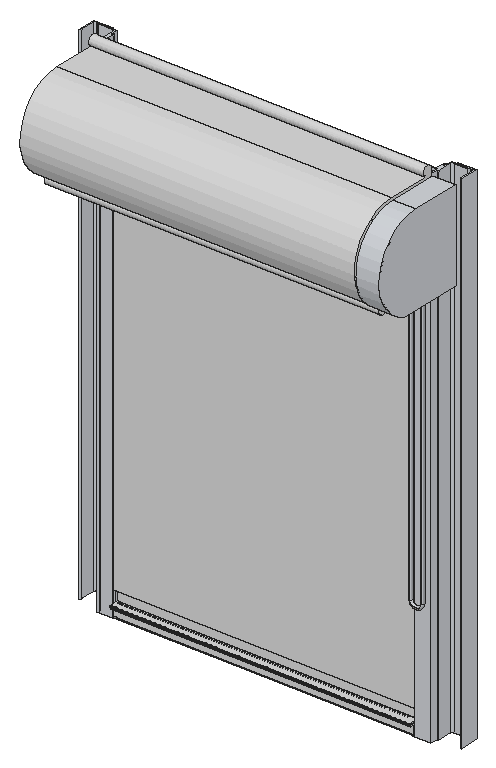
Revit family
Parameters (values of type "Hand-Chain Operated, Aluminium (Anodized Finish)")
  Wall Construction = "Masonry, Steel or Wood"  # constant formula
  Spec Wizard = "http://www.clopaydoor.com/Quick-Specs-Wizard.aspx"
  Sales Information = "http://www.clopaydoor.com/where-to-buy.aspx?type=dealer&stype=commercial"
  Product Features and Benefits = "http://www.clopaydoor.com/sliding-applications.aspx"
  Mounting = "Face of Wall"  # constant formula
  Sizing Disclaimer = "30’ wide, 30’ high standard construction. Large Openings to 50’ wide, 40’ high consult factory. "  # constant formula
  Motor = no
  Manufacturer Website = "http://www.clopaydoor.com"
  Manufacturer Phone Number = "1-800-526-4301"  # constant formula
  Manufacturer Address = "1400 W. Market St., Troy, OH 45373"  # constant formula
  Function = (empty or 0)
  File Revision = "00 (Feb, 2011)"  # constant formula
  Curtain 2 5/8" Slat = Aluminum, anodized finish (curtain only)
  Chain = yes
  CAD and Specifications = "http://www.clopaydoor.com/sliding-specs.aspx"
  Bottom Bar = Aluminum, anodized finish (non-curtain components)
  Guides = Aluminum, anodized finish (non-curtain components)
  Hood = Aluminum, anodized finish (non-curtain components)
  URL = "http://www.clopaydoor.com"
  Subcategory = "Roll Up"  # constant formula
  Optional aluminum, color anodized finish = no
  Optional Powder Coated Finish, standard RAL colors, Galv. Steel and Aluminum only = no
  Pull Height = Height / 1.5  # 5' - 4"
  Operator Width = Width - 2 * 0' 2 1/4"  # 5' - 7 1/2"
  Operator = Operator : Hand-Chain
  Operation = ""
  From Coil Side Operate on Right = yes
  From Coil Side Operate on Left = not(From Coil Side Operate on Right)  # no
  Model = "CESD10 "  # constant formula
  Manufacturer = "Clopay  Building Products Company"  # constant formula
  Height = 8' - 0"
  Wall Closure = (empty or 0)
  Width = 6' - 0"
  Guide Height = Height + 0' 5"  # 8' - 5"
  Description = "Built to order metal slatted rolling doors provide security against entry and/or weather protection. "  # constant formula
  Cost = 0
  Assembly Code = "B2030410"
  95 CSI = "08330"  # constant formula
  Windload = "A full range of specific wind load requirements available- Consult Clopay. "  # constant formula
  Coil Dimension Note = "14” to 22” -  Consult Clopay when dimensions are critical."  # constant formula
  Jamb Dimension Note = "6 3/4In to 10 1/4In wide. Consult Clopay when dimensions are critical."  # constant formula
  04 CSI = "08 33 00"  # constant formula
Types (12): name | Motor | Curtain 2 5/8" Slat | Chain | Bottom Bar | Guides | Hood | Operator
  Hand-Chain Operated, Aluminium (Anodized Finish) | no | Aluminum, anodized finish (curtain only) | yes | Aluminum, anodized finish (non-curtain components) | Aluminum, anodized finish (non-curtain components) | Aluminum, anodized finish (non-curtain components) | Operator : Hand-Chain
  Hand-Chain Operated, Aluminium (Mill Finish) | no | Aluminum, mill finish (curtain only) | yes | Aluminum, mill finish (non-curtain components) | Aluminum, mill finish (non-curtain components) | Aluminum, mill finish (non-curtain components) | Operator : Hand-Chain
  Hand-Chain Operated, Galvanized Steel | no | Galvanized steel (curtain only) | yes | Galvanized or powder coated plain steel (non curtain components) | Galvanized or powder coated plain steel (non curtain components) | Galvanized or powder coated plain steel (non curtain components) | Operator : Hand-Chain
  Hand-Chain Operated, Stainless Steel | no | Stainless steel (curtain only) | yes | Stainless steel (non-curtain components) | Stainless steel (non-curtain components) | Stainless steel (non-curtain components) | Operator : Hand-Chain
  Motor Operated, Aluminium (Anodized Finish) | yes | Aluminum, anodized finish (curtain only) | no | Aluminum, anodized finish (non-curtain components) | Aluminum, anodized finish (non-curtain components) | Aluminum, anodized finish (non-curtain components) | Operator : Motor Operator
  Motor Operated, Aluminium (Mill Finish) | yes | Aluminum, mill finish (curtain only) | no | Aluminum, mill finish (non-curtain components) | Aluminum, mill finish (non-curtain components) | Aluminum, mill finish (non-curtain components) | Operator : Motor Operator
  Motor Operated, Galvanized Steel | yes | Galvanized steel (curtain only) | no | Galvanized or powder coated plain steel (non curtain components) | Galvanized or powder coated plain steel (non curtain components) | Galvanized or powder coated plain steel (non curtain components) | Operator : Motor Operator
  Motor Operated, Stainless Steel | yes | Stainless steel (curtain only) | no | Stainless steel (non-curtain components) | Stainless steel (non-curtain components) | Stainless steel (non-curtain components) | Operator : Motor Operator
  Push-Up Operated, Aluminium (Anodized Finish) | no | Aluminum, anodized finish (curtain only) | no | Aluminum, anodized finish (non-curtain components) | Aluminum, anodized finish (non-curtain components) | Aluminum, anodized finish (non-curtain components) | Operator : Push-UP
  Push-Up Operated, Aluminium (Mill Finish) | no | Aluminum, mill finish (curtain only) | no | Aluminum, mill finish (non-curtain components) | Aluminum, mill finish (non-curtain components) | Aluminum, mill finish (non-curtain components) | Operator : Push-UP
  Push-Up Operated, Galvanized Steel | no | Galvanized steel (curtain only) | no | Galvanized or powder coated plain steel (non curtain components) | Galvanized or powder coated plain steel (non curtain components) | Galvanized or powder coated plain steel (non curtain components) | Operator : Push-UP
  Push-Up Operated, Stainless Steel | no | Stainless steel (curtain only) | no | Stainless steel (non-curtain components) | Stainless steel (non-curtain components) | Stainless steel (non-curtain components) | Operator : Push-UP
Reference planes (in)
  plane 1 "Center (Front/Back)": y = 0
  plane 2 "Center (Left/Right)": x = 36
  plane 3 "Left": x = 0
  plane 4 "Right": x = 72
  plane 5 "Top": z = 96
  plane 6 "Wall Edge": y = -4
  plane 7: y = -4
  plane 8 "Top of Hood": z = 118.35156
  plane 9: y = -22
  plane 10: z = 101
  plane 11 "Bottom Bar Alignment": y = -5.8765
  plane 12: z = 4.39975
  plane 13: y = -3.1875
  plane 14: x = 6.25135
  plane 15: x = 65.74865
  plane 16: x = 4.9375
  plane 17: z = 4.39975
  plane 18: z = 77.99245
  plane 19: x = 67.5
  plane 20: x = 4.5
  plane 21: x = 69.75
  plane 22: y = -10
  plane 23: z = 86.16016
  plane 24: z = 87.57422
  plane 25: y = -3.1875
Forms (in)
  Sweep 1, solid, material "Aluminum, anodized finish (non-curtain components)" <- "Hood"
    path origin (0, -4, -22) x (-1, 0, 0) y (0, 0, 1)
      loop
        line (-67.5, 101) -> (-4.5, 101)
    profile "Profile_Hood : Profile_Hood" origin (36, -4, 79) x (0, 0, 1) y (0, 1, 0)
      loop
        line (17.00521, 0) -> (0, 0) -> (0, -11.38123)
        arc (0, -11.38123) -> (-1.71462, -11.23442) -> (-0.06445, -11.72268) r 0.86487
        arc (-0.06445, -11.72268) -> (9.52117, -17.9131) -> (17, -9.29496) r 8.70492
        line (17, -9.29496) -> (17, -1.09786)
        arc (17, -1.09786) -> (18.75706, -0.90144) -> (17.00521, -0.66297) r 0.89077
        line (17.00521, -0.66297) -> (17.00521, 0)
  Sweep 2, solid, material "Aluminum, anodized finish (non-curtain components)" <- "Bottom Bar"
    path origin (0, -4, 0) x (-1, 0, 0) y (0, 0, 1)
      loop
        line (-64.25, 0) -> (-7.75, 0)
    profile "Profile_BottomBar : Profile_BottomBar" origin (36, -4, 0) x (0, 0, 1) y (0, 1, 0)
      loop
        arc (2.58725, 1.20536) -> (2.54306, 1.22367) -> (2.52475, 1.26786) r 0.0625
        line (2.52475, 1.26786) -> (2.52475, 3.01786)
        arc (2.52475, 3.01786) -> (2.50644, 3.06206) -> (2.46225, 3.08036) r 0.0625
        line (2.46225, 3.08036) -> (2.39975, 3.08036) -> (2.39975, 1.08036) -> (2.33875, 1.08036) -> (2.33875, 1.22236)
        arc (2.33875, 1.22236) -> (2.24825, 1.31286) -> (2.15775, 1.22236) r 0.0905
        line (2.15775, 1.22236) -> (2.15775, 1.12786) -> (2.09375, 1.12786) -> (2.09375, 2.91161) -> (1.96875, 2.91161) -> (1.96875, 2.16161)
        arc (1.96875, 2.16161) -> (1.93214, 2.07322) -> (1.84375, 2.03661) r 0.125
        line (1.84375, 2.03661) -> (0.25, 2.03661)
        arc (0.25, 2.03661) -> (0.07322, 1.96339) -> (0, 1.78661) r 0.25
        line (0, 1.78661) -> (0, 0.28661)
        arc (0, 0.28661) -> (0.07322, 0.10983) -> (0.25, 0.03661) r 0.25
        line (0.25, 0.03661) -> (1.84375, 0.03661)
        arc (1.84375, 0.03661) -> (1.93214, 0) -> (1.96875, -0.08839) r 0.125
        line (1.96875, -0.08839) -> (1.96875, -0.83839) -> (2.09375, -0.83839) -> (2.09375, 1.00286) -> (2.15775, 1.00286) -> (2.15775, 0.90836)
        arc (2.15775, 0.90836) -> (2.24825, 0.81786) -> (2.33875, 0.90836) r 0.0905
        line (2.33875, 0.90836) -> (2.33875, 1.05036) -> (2.39975, 1.05036) -> (2.39975, -0.94964) -> (2.46225, -0.94964)
        arc (2.46225, -0.94964) -> (2.50644, -0.93133) -> (2.52475, -0.88714) r 0.0625
        line (2.52475, -0.88714) -> (2.52475, 0.86286)
        arc (2.52475, 0.86286) -> (2.54306, 0.90706) -> (2.58725, 0.92536) r 0.0625
        line (2.58725, 0.92536) -> (4.33725, 0.92536)
        arc (4.33725, 0.92536) -> (4.38144, 0.94367) -> (4.39975, 0.98786) r 0.0625
        line (4.39975, 0.98786) -> (4.39975, 1.14286)
        arc (4.39975, 1.14286) -> (4.38144, 1.18706) -> (4.33725, 1.20536) r 0.0625
        line (4.33725, 1.20536) -> (2.58725, 1.20536)
  Extrusion 3, solid, material "Aluminum, anodized finish (non-curtain components)" <- "Hood"
    sketch origin (0, -1.37018, 101.99245) x (1, 0, 0) y (0, 1, 0)
      loop
        line (4.9375, -1.81732) -> (67.0625, -1.81732) -> (67.0625, -1.69232) -> (4.9375, -1.69232) -> (4.9375, -1.81732)
    from -24 to -5.99245
  Extrusion 4, solid, material "Aluminum, anodized finish (curtain only)" <- "Curtain 2 5/8" Slat"
    sketch origin (0, 0, 0) x (1, 0, 0) y (0, 1, 0)
      loop
        line (5.375, -2.875) -> (5.375, -3.5) -> (66.625, -3.5) -> (66.625, -2.875) -> (5.375, -2.875)
    from 4.39975 to 77.99245
Lines and regions (in)
  Opening 1
    outline origin (-90, -4, 0) x (1, 0, 0) y (0, 0, 1)
      loop
        line (90, 0) -> (162, 0) -> (162, 96) -> (90, 96) -> (90, 0)
  symbolic lines, style "Roller Chamber"
    curve 1: line (67.5, -4, 96) -> (72, -4, 96)
    curve 2: line (0, -4, 96) -> (4.5, -4, 96)
Text (in)
  text "Exterior" at (-74.96733, 27.31104, 0), in view "Ref. Level"
  text "Interior" at (-74.96733, -25.14366, 0), in view "Ref. Level"
  text "Exterior" at (0, 40.15149, 123.01588), in view "Right"
  text "Interior" at (0, -64.39139, 123.01588), in view "Right"
  text "Interior" at (0, -63.63426, 123.00693), in view "Left"
  text "Exterior" at (0, 54.57065, 123.00693), in view "Left"
Dimensions and locks (in)
  equal spacing: plane 3 "Left", plane 2 "Center (Left/Right)", plane 4 "Right"
  "Height": level to plane 5 "Top"
  "Width": plane 3 "Left" to plane 4 "Right"
  locked: plane 7 to plane 6 "Wall Edge"
  locked: plane 7 to plane 9 at 18
  locked: plane 10 to plane 5 "Top" at 5
  locked: plane 8 "Top of Hood" to plane 10 at 17.35156
  locked: plane 11 "Bottom Bar Alignment" to plane 7 at 1.8765
  locked: level to plane 12 at 4.39975
  plane 13 to host wall = 0' - 3 3/16"
  locked: plane 3 "Left" to plane 14 at 6.25135
  locked: plane 15 to plane 4 "Right" at 6.25135
  locked: Extrusion 3 sketch curve to Extrusion 3 sketch curve at 0.125
  locked: Extrusion 3 to Extrusion 3 at 0.125
  locked: plane 16 to plane 14 at 1.31385
  locked: level to plane 17 at 4.39975
  locked: Extrusion 3 to Extrusion 3 at 18.00755
  locked: plane 5 "Top" to plane 18 at 18.00755
  level to host wall = 12' - 8.58669"
  locked: Extrusion 4 sketch curve to nested 2 at 0.625
  locked: Extrusion 4 sketch curve to Extrusion 4 sketch curve at 0.625
  locked: nested 1 to Extrusion 4 sketch curve at 0.625
  locked: Extrusion 4 sketch curve to nested 1 at 0.25
  locked: plane 3 "Left" to Sweep 1 at 4.5
  locked: Sweep 1 to plane 4 "Right" at 4.5
  locked: plane 3 "Left" to plane 20 at 4.5
  locked: plane 21 to plane 4 "Right" at 2.25
  locked: plane 7 to plane 22 at 6
  locked: plane 5 "Top" to plane 23 at 9.83984
  locked: plane 5 "Top" to nested 3 at 1.05626
  Sweep 1 to Sweep 1 = 1' - 5"
  locked: plane 25 to plane 6 "Wall Edge" at 0.8125
  locked: plane 19 to plane 4 "Right" at 4.5
  aligned and locked: plane 3 "Left" to Opening 1 sketch curve
  aligned and locked: plane 5 "Top" to Opening 1 sketch curve  (x2)
  aligned and locked: Opening 1 sketch curve to plane 4 "Right"
  aligned and locked: Opening 1 sketch curve to level
  aligned and locked: plane 6 "Wall Edge" to host wall
  aligned and locked: nested 2 to plane 7
  aligned and locked: nested 1 to Sweep 1 sketch curve
  aligned and locked: nested 2 to Sweep 1 sketch curve
  aligned and locked: plane 3 "Left" to nested 1
  aligned and locked: plane 4 "Right" to nested 2
  aligned and locked: plane 16 to nested 1
  aligned and locked: nested 2 to Sweep 2 sketch curve
  aligned and locked: nested 1 to Sweep 2 sketch curve
  aligned and locked: Extrusion 4 to plane 17
  aligned and locked: Extrusion 4 to plane 18
  aligned and locked: plane 18 to Extrusion 3
  aligned and locked: plane 6 "Wall Edge" to nested 1
  aligned and locked: nested 2 to plane 4 "Right"
  aligned and locked: nested 3 to plane 9
  aligned and locked: Extrusion 3 to plane 13
  aligned and locked: plane 13 to plane 25
  aligned and locked: plane 3 "Left" to curve 2
  aligned and locked: curve 2 to plane 20
  aligned and locked: plane 4 "Right" to curve 1
  aligned and locked: plane 19 to curve 1
  aligned and locked: nested 3 to plane 2 "Center (Left/Right)"
  aligned and locked: Sweep 1 to plane 5 "Top"
Automatic sketch dimensions
  Sweep 1 sketch curve to plane 18 = 0' - 1.00755"
  Sweep 2 sketch curve to level = 0' - 0"
  Extrusion 3 sketch curve to plane 16 = 0' - 0"
  plane 19 to Extrusion 3 sketch curve = 0' - 0 7/16"
  plane 13 to Extrusion 3 sketch curve = 0' - 0"
  curve 1 to host wall = 0' - 0"
  curve 2 to host wall = 0' - 0"
Nested families (in)
  nested 1: "Jamb_Guide-Wall" at (2.25, 0.75, 0), type "Guide"
    with Height 8' - 0"
  nested 2: "Jamb_Guide-Wall" at (69.75, 0.75, 0) x (-1, 0, 0) z (0, 0, 1), type "Guide"
    with Height 8' - 0"
  nested 3: "Operator" at (36, -9.875, 23.57422), type <- "Operator", type "Hand-Chain"
Definition of nested family "Jamb_Guide-Wall"
  Parameters (values of type "Guide")
    Height = 10' - 0"
    Guide = none
    Assembly Code = ""
  Reference planes (in)
    plane 1 "Center (Front/Back)": y = 0
    plane 2: z = 0
    plane 3 "Center (Left/Right)": x = 0
    plane 4: z = 120
    plane 5 "Center Line": x = 4.5
    plane 6: y = -0.25
    plane 7: y = -3.75
    plane 8: y = -3.5
    plane 9: x = 5.5
    plane 10: x = -2.25
    plane 11: y = 0.25
    plane 12: y = -4.75
    plane 13: y = -2.25
  Forms (in)
    Extrusion 1, solid, material <- "Guide"
      sketch origin (0, 0, 0) x (1, 0, 0) y (0, 1, 0)
        loop
          line (-1, -0.25) -> (1.625, -0.25)
          arc (1.625, -0.25) -> (1.89017, -0.35983) -> (2, -0.625) r 0.375
          line (2, -0.625) -> (2, -3.25)
          arc (2, -3.25) -> (2.07322, -3.42678) -> (2.25, -3.5) r 0.25
          line (2.25, -3.5) -> (2.25, -4.75) -> (5.25, -4.75)
          arc (5.25, -4.75) -> (5.17678, -4.57322) -> (5, -4.5) r 0.25
          line (5, -4.5) -> (2.875, -4.5)
          arc (2.875, -4.5) -> (2.60983, -4.39017) -> (2.5, -4.125) r 0.375
          line (2.5, -4.125) -> (2.5, -3.062) -> (4, -3.062) -> (4, -3.4375) -> (4.75, -3.4375) -> (4.75, -3.062) -> (5.5, -3.062)
          arc (5.5, -3.062) -> (5.44508, -2.92942) -> (5.3125, -2.8745) r 0.1875
          line (5.3125, -2.8745) -> (3, -2.8745)
          arc (3, -2.8745) -> (2.77903, -2.78297) -> (2.6875, -2.562) r 0.3125
          line (2.6875, -2.562) -> (2.6875, -1.2495)
          arc (2.6875, -1.2495) -> (2.63258, -1.11692) -> (2.5, -1.062) r 0.1875
          line (2.5, -1.062) -> (2.5, -1.5)
          arc (2.5, -1.5) -> (2.42678, -1.32322) -> (2.25, -1.25) r 0.25
          line (2.25, -1.25) -> (2.25, 0) -> (-1.25, 0)
          arc (-1.25, 0) -> (-1.17678, -0.17678) -> (-1, -0.25) r 0.25
      from 0 to 120
    Extrusion 2, solid, material <- "Guide"
      sketch origin (0, 0.25, 0) x (-1, 0, 0) y (0, -1, 0)
        loop
          arc (-1, 0.25) -> (-1.17678, 0.17678) -> (-1.25, 0) r 0.25
          line (-1.25, 0) -> (2.25, 0) -> (2.25, 3.5)
          arc (2.25, 3.5) -> (2.07322, 3.42678) -> (2, 3.25) r 0.25
          line (2, 3.25) -> (2, 0.625)
          arc (2, 0.625) -> (1.89017, 0.35983) -> (1.625, 0.25) r 0.375
          line (1.625, 0.25) -> (-1, 0.25)
      from 0 to 120
  Lines and regions (in)
    symbolic lines
      curve 1: line (2.25, 0, 0) -> (2.25, -4.75, 0)
      curve 2: line (2.5, -3.5, 0) -> (2.5, -1.5, 0)
      curve 3: line (4, -3.062, 0) -> (4.75, -3.062, 0)
  Dimensions and locks (in)
    "Height": plane 4 to plane 2
    locked: plane 3 "Center (Left/Right)" to plane 5 "Center Line" at 4.5
    equal spacing: plane 11, plane 13, plane 12
    aligned and locked: plane 2 to level
    aligned and locked: plane 1 "Center (Front/Back)" to Extrusion 1 sketch curve
    aligned and locked: plane 6 to Extrusion 1
    aligned and locked: plane 4 to Extrusion 1
    aligned and locked: curve 1 to Extrusion 1  (x2)
    aligned and locked: plane 1 "Center (Front/Back)" to curve 1
    aligned and locked: plane 8 to curve 2
    aligned and locked: Extrusion 1 to curve 2
    aligned and locked: Extrusion 1 to curve 3
    aligned and locked: curve 3 to Extrusion 1
    aligned and locked: plane 4 to Extrusion 2
  Automatic sketch dimensions
    curve 3 to plane 8 = 0' - 0.438"
    curve 2 to plane 6 = 0' - 1 1/4"
    Extrusion 1 sketch curve to plane 6 = 0' - 0"
    Extrusion 1 sketch curve to plane 8 = 0' - 0"
    Extrusion 1 sketch curve to plane 3 "Center (Left/Right)" = 0' - 1 1/4"
    Extrusion 1 sketch curve to plane 6 = 0' - 0 3/8"
    plane 3 "Center (Left/Right)" to Extrusion 1 sketch curve = 0' - 1 5/8"
    Extrusion 1 sketch curve to Extrusion 1 sketch curve = 0' - 0 1/4"  (x5)
    Extrusion 1 sketch curve to Extrusion 1 sketch curve = 0' - 0 3/16"  (x2)
    Extrusion 1 sketch curve to Extrusion 1 sketch curve = 0' - 0 3/8"
    Extrusion 1 sketch curve to Extrusion 1 sketch curve = 0' - 0 5/16"
    Extrusion 1 sketch curve to plane 5 "Center Line" = 0' - 0 1/2"
    plane 5 "Center Line" to Extrusion 1 sketch curve = 0' - 0 1/4"
    plane 5 "Center Line" to Extrusion 1 sketch curve = 0' - 0 1/2"
    Extrusion 1 sketch curve to Extrusion 1 sketch curve = 0' - 0 9/16"
    plane 7 to Extrusion 1 sketch curve = 0' - 0 3/8"
    Extrusion 1 sketch curve to plane 8 = 0' - 0 1/16"
    Extrusion 1 sketch curve to Extrusion 1 sketch curve = 0' - 0.3755"  (x2)
    Extrusion 1 sketch curve to Extrusion 1 sketch curve = 0' - 0 7/8"
    Extrusion 1 sketch curve to Extrusion 1 sketch curve = 0' - 0.2505"
    Extrusion 2 sketch curve to plane 1 "Center (Front/Back)" = 0' - 0 1/4"
    plane 6 to Extrusion 2 sketch curve = 0' - 0 1/4"
    plane 3 "Center (Left/Right)" to Extrusion 2 sketch curve = 0' - 1 1/4"
    Extrusion 2 sketch curve to plane 6 = 0' - 0 1/8"
    Extrusion 2 sketch curve to plane 3 "Center (Left/Right)" = 0' - 1 5/8"
    Extrusion 2 sketch curve to plane 8 = 0' - 0 1/4"
    Extrusion 2 sketch curve to Extrusion 2 sketch curve = 0' - 0 1/4"
Definition of nested family "Operator"
  Parameters (values of type "Push-UP")
    Width = 5' - 7 1/2"
    Straight = yes
    Right = yes
    Push = yes
    Motor = no
    Material = Aluminum, anodized finish (non-curtain components)
    Motor Visibility = not(Motor)  # yes
    Left = yes
    Height = 5' - 4"
    Chain = no
    Assembly Code = ""
  Types (3): name | Straight | Push | Motor | Motor Visibility | Left | Chain
    Motor Operator | no | no | yes | no | no | no
    Push-UP | yes | yes | no | yes | yes | no
    Hand-Chain | yes | no | no | yes | no | yes
  Reference planes (in)
    plane 1 "Center (Front/Back)": y = 0
    plane 2: z = 0
    plane 3 "Center (Left/Right)": x = 0
    plane 4: x = -33.75
    plane 5: x = 33.75
    plane 6: z = 64
    plane 7: z = 71.36952
    plane 8: y = -12.125
    plane 9: x = 31.5
    plane 10: x = -31.5
    plane 11: y = 5.99896
  Lines and regions (in)
    symbolic lines, style "GenericModelHiddenLines"
      curve 1: line (31.5, -12.125, 0) -> (31.5, 5.99896, 0)
      curve 2: line (-31.5, -12.125, 0) -> (-31.5, 5.99896, 0)
    symbolic lines, style "GenericModelHiddenLines", visible <- "Right"
      curve 3: line (-31.5, -12.125, 0) -> (10.5, -12.125, 0)
    symbolic lines, style "GenericModelHiddenLines", visible <- "Left"
      curve 4: line (-10.5, -12.125, 0) -> (31.5, -12.125, 0)
    symbolic lines, style "GenericModelHiddenLines", visible <- "Straight"
      curve 5: line (-31.5, -12.125, 0) -> (31.5, -12.125, 0)
    symbolic lines, style "GenericModelHiddenLines", visible <- "Motor Visibility"
      curve 6: line (-31.5, -12.125, 0) -> (31.5, -12.125, 0)
  Dimensions and locks (in)
    equal spacing: plane 4, plane 3 "Center (Left/Right)", plane 5
    "Width": plane 4 to plane 5
    "Height": plane 6 to plane 2
    locked: plane 7 to plane 6 at 7.36952
    locked: plane 8 to plane 1 "Center (Front/Back)" at 12.125
    locked: plane 9 to plane 5 at 2.25
    locked: plane 4 to plane 10 at 2.25
    locked: plane 11 to plane 8 at 18.12396
    aligned and locked: plane 5 to nested 1
    aligned and locked: nested 2 to plane 4
    aligned and locked: plane 6 to nested 1
    aligned and locked: nested 2 to plane 6
    aligned and locked: plane 8 to nested 2
    aligned and locked: plane 8 to nested 1
    aligned and locked: plane 8 to curve 1
    aligned and locked: curve 3 to nested 1
    aligned and locked: plane 10 to curve 3
    aligned and locked: curve 3 to plane 8
    aligned and locked: curve 4 to nested 2
    aligned and locked: curve 4 to plane 9
    aligned and locked: curve 4 to plane 8
    aligned and locked: plane 11 to curve 2
    aligned and locked: plane 11 to curve 1
  Nested families (in)
    nested 1: "Pull-Down-Pole" at (33.75, 0, 0), visible <- "Right", type "Pull 2"
      with Pull Visibility yes, Chain Visibility no
    nested 2: "Pull-Down-Pole" at (-33.75, 0, 0) x (-1, 0, 0) z (0, 0, 1), visible <- "Left", type "Pull"
      with Pull Visibility yes, Chain Visibility no
  Definition of nested family "Pull-Down-Pole"
    Parameters (values of type "Pull")
      Pull Visibility = no
      Motor = no
      Material = Aluminum, anodized finish (non-curtain components)
      Height = 5' - 4"
      Chain Visibility = yes
      Assembly Code = ""
    Types (2): name
      Pull 2
      Pull
    Reference planes (in)
      plane 1 "Center (Front/Back)": y = 0
      plane 2: z = 0
      plane 3 "Center (Left/Right)": x = 0
      plane 4: z = 64
    Forms (in)
      Extrusion 1, solid, material "Aluminum, anodized finish (non-curtain components)" <- "Material", visible <- "Motor"
        sketch origin (0, 0, 0) x (1, 0, 0) y (0, 0, 1)
          loop
            line (-23.25, 72.07552) -> (-23.25, 55.07552) -> (-2.25, 55.07552) -> (-2.25, 72.07552) -> (-23.25, 72.07552)
        from 12.125 to 27.43359
      Extrusion 2, solid, material "Aluminum, anodized finish (non-curtain components)" <- "Material", visible <- "Chain Visibility"
        sketch origin (-2.25, 0, -2.30676) x (0, 1, 0) y (0, 0, 1)
          loop
            arc (-3.296, 74.38228) -> (-11.89785, 67.01294) -> (-5.93554, 57.38228) r 8.70492
            line (-5.93554, 57.38228) -> (5.99896, 57.38228) -> (5.99896, 74.38228) -> (-3.296, 74.38228)
        from 0 to 4.5
      Sweep 3, solid, material "Aluminum, anodized finish (non-curtain components)" <- "Material", visible <- "Chain Visibility"
        path origin (-0.07163, -27.43359, 0) x (1, 0, 0) y (0, 0, 1)
          loop
            line (1.125, 64) -> (1.125, 3.82654)
            arc (1.125, 3.82654) -> (0, 2.70154) -> (-1.125, 3.82654) r 1.125
            line (-1.125, 3.82654) -> (-1.125, 64)
        profile origin (1.05337, -27.43359, 33.91327) x (0, -1, 0) y (1, 0, 0)
          loop
            circle (-27.18359, 0) r 0.25
      Extrusion 4, solid, material "Aluminum, anodized finish (non-curtain components)" <- "Material", visible <- "Pull Visibility"
        sketch origin (7.75, 0, -2.30676) x (0, 1, 0) y (0, 0, 1)
          loop
            arc (-3.296, 74.38228) -> (-11.89785, 67.01294) -> (-5.93554, 57.38228) r 8.70492
            line (-5.93554, 57.38228) -> (5.99896, 57.38228) -> (5.99896, 74.38228) -> (-3.296, 74.38228)
        from -10 to -5.5
    Lines and regions (in)
      symbolic lines, style "GenericModelHiddenLines", visible <- "Motor"
        curve 1: line (-23.25, -12.125, 0) -> (-23.25, -27.43359, 0)
        curve 2: line (-23.25, -27.43359, 0) -> (-2.25, -27.43359, 0)
        curve 3: line (-2.25, -27.43359, 0) -> (-2.25, -12.125, 0)
    Dimensions and locks (in)
      "Height": plane 4 to level
      locked: plane 3 "Center (Left/Right)" to Extrusion 1 sketch curve at 2.25
      locked: plane 3 "Center (Left/Right)" to Extrusion 1 sketch curve at 23.25
      locked: Extrusion 1 to Extrusion 1 at 15.30859
      locked: plane 1 "Center (Front/Back)" to Sweep 3
      locked: Extrusion 1 to plane 1 "Center (Front/Back)" at 12.125
      aligned and locked: Extrusion 1 to curve 1
      aligned and locked: curve 2 to Extrusion 1
      aligned and locked: curve 3 to Extrusion 1
      aligned and locked: Sweep 3 sketch curve to Sweep 3 sketch curve  (x2)
      aligned and locked: plane 4 to Sweep 3 sketch curve  (x2)
      aligned and locked: Extrusion 2 to Extrusion 1 sketch curve
      aligned and locked: Extrusion 1 sketch curve to Extrusion 2
      aligned and locked: Extrusion 4 to Extrusion 2  (x3)
    Automatic sketch dimensions
      curve 1 to plane 3 "Center (Left/Right)" = 1' - 11 1/4"
      curve 3 to plane 3 "Center (Left/Right)" = 0' - 2 1/4"
      plane 1 "Center (Front/Back)" to curve 1 = 2' - 3 111/256"
      plane 1 "Center (Front/Back)" to curve 3 = 1' - 0 1/8"
      plane 1 "Center (Front/Back)" to curve 1 = 1' - 0 1/8"
      plane 1 "Center (Front/Back)" to Extrusion 2 sketch curve = 0' - 5.93554"
      Extrusion 2 sketch curve to plane 4 = 0' - 0.6294"
      plane 1 "Center (Front/Back)" to Extrusion 2 sketch curve = 0' - 3.296"
      Extrusion 2 sketch curve to plane 1 "Center (Front/Back)" = 0' - 5.99896"
      Extrusion 2 sketch curve to Extrusion 2 sketch curve = 0' - 8.29508"
      Extrusion 1 to Sweep 3 sketch curve = 0' - 1.05337"
      Sweep 3 sketch curve to Sweep 3 sketch curve = 0' - 1 1/8"
      Extrusion 1 to Sweep 3 sketch curve = 4' - 3.24897"
      Sweep 3 sketch curve to profile plane = 0' - 0"
      Sweep 3 sketch curve to profile plane = 2' - 3 47/256"
      plane 1 "Center (Front/Back)" to Extrusion 4 sketch curve = 0' - 5.93554"
      Extrusion 4 sketch curve to plane 4 = 0' - 0.6294"
      plane 1 "Center (Front/Back)" to Extrusion 4 sketch curve = 0' - 3.296"
      Extrusion 4 sketch curve to plane 1 "Center (Front/Back)" = 0' - 5.99896"
      Extrusion 4 sketch curve to Extrusion 4 sketch curve = 0' - 8.29508"
      radius of Sweep 3 sketch curve = 0' - 0 1/4"
